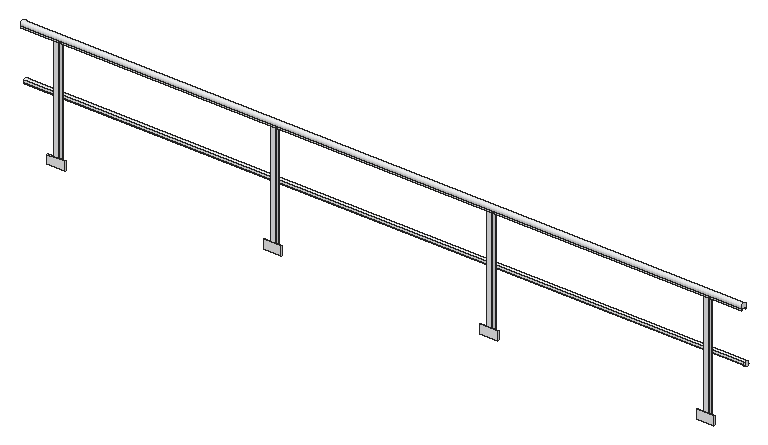
Revit family "Guardrail_Kattsafe_SideMount", category Specialty Equipment, Revit 2025
Family settings
  Round Connector Dimension = Use Diameter
  Part Type = Normal
  OmniClass Number = 23.17.25.11
  Enable Cutting in Views = No
  Cut with Voids When Loaded = No
  Maintain Annotation Orientation = No
  Shared = No
  Room Calculation Point = No
Parameters (values of type "Type 1")
  Uniclass2015Version = "Products v1.23"
  Uniclass2015Title = "Aluminium handrails"
  Uniclass2015Code = "Pr_25_30_36_03"
  URL = "https://kattsafe.com.au/"
  Type IFC Predefined Type = "GUARDRAIL"
  Type Comments = "Guardrail - Side Mount"
  SafetyDisclaimer [instance] = "WARNING! The correct placement of access, fall protection and facade maintenance systems is critical to ensure it is fit-for-purpose and safe for the operator to use. Did you know Kattsafe® have a dedicated team of Height Safety System Design Specialists? Kattsafe® provide one-on-one consultation and system design assistance to ensure you are meeting the stringent requirements of height safety and to give you PEACE OF MIND with your project."  # constant formula
  RailClosureBendEnd2 [instance] = no
  RailClosureBendEnd1 [instance] = no
  PostsSingleOption [instance] = if(and(([built-in parameter 1001306] - 56 mm - (PostsOffsetLength * 2)) < 1 mm, ([built-in parameter 1001306] - 56 mm) > 1999 mm), 1 > 0, 1 < 0)  # no
  PostsActualNumberOf [instance] = PostsOffsetLengthCalc3  # 4
  PostsOffsetLengthCalc3 [instance] = if(PostsOffsetLengthCalc > PostsOffsetLengthCalc2, rounddown(PostsOffsetLengthCalc2), PostsOffsetLengthCalc)  # 4
  PostsOffsetLengthCalc2 [instance] = (PostsOverallLength / PostsMaxSpacingLength) + 2  # 4.972
  PostsOffsetLengthCalc [instance] = (PostsOverallLength / PostsMaxSpacingLength) + 2  # 5
  PostsNumberOfCalc3 [instance] = if(and(PostsNumberOfCalc > PostsNumberOfCalc2, PostsOverallLength > PostsMaxSpacingLength * 2), rounddown(PostsNumberOfCalc2), if(PostsOverallLength < (PostsMaxSpacingLength * 2) + 1 mm, 2, PostsNumberOfCalc))  # 2
  PostsNumberOfCalc2 [instance] = (PostsOverallLength / PostsMaxSpacingLength)  # 2.972
  PostsNumberOfCalc [instance] = (PostsOverallLength / PostsMaxSpacingLength)  # 3
  PostsMaxSpacingLength = 2000 mm  # constant formula
  PostsHeight = if(1 = 1, ManufacturerOverallHeight - 42 mm, 0 mm)  # 1038 mm
  PostsArrayOption [instance] = if(([built-in parameter 1001306] - 56 mm - (PostsOffsetLength * 2)) < 1 mm, 1 < 0, 1 > 0)  # yes
  PostsOverallLength [instance] = if(1 = 1, [built-in parameter 1001306] - 56 mm, 0 mm)  # 5944 mm
  Material = Aluminum_Kattsafe_Satin
  KneerailOffsetHeightCalc2 [instance] = if(KneerailOffsetHeight > 450 mm, 450 mm, KneerailOffsetHeight)  # 435 mm
  KneerailOffsetHeightCalc [instance] = if(or(RailClosureBendEnd1, RailClosureBendEnd2), 435 mm, KneerailOffsetHeightCalc2)  # 435 mm
  KneerailOffsetHeight [instance] = 435 mm
  PostsOffsetLength [instance] = PostsOverallLength / (PostsOffsetLengthCalc3 - 1)  # 1981.333 mm
  KneerailEnd2OverhangLengthCalc [instance] = if(RailClosureBendEnd2, 200 mm, HandrailEnd2OverhangLengthCalc + KneerailEnd2OffsetLength)  # 300 mm
  KneerailEnd2OffsetLength [instance] = 0 mm
  KneerailEnd1OverhangLengthCalc [instance] = if(RailClosureBendEnd1, 200 mm, HandrailEnd1OverhangLengthCalc + KneerailEnd1OffsetLength)  # 300 mm
  KneerailEnd1OffsetLength [instance] = 0 mm
  KneerailAngledOffsetHeight [instance] = KneerailOffsetHeightCalc + (-HandrailAngledOffsetHeight)  # 492 mm
  HandrailEnd2OverhangLengthCalc [instance] = if(RailClosureBendEnd2, 0 mm, HandrailOverhangLengthEnd2)  # 300 mm
  HandrailOverhangLengthEnd2 [instance] = 300 mm
  HandrailEnd1OverhangLengthCalc [instance] = if(RailClosureBendEnd1, 0 mm, HandrailOverhangLengthEnd1)  # 300 mm
  HandrailOverhangLengthEnd1 [instance] = 300 mm
  ModifiedIssue = 20240430
  Model = "GW2"
  ManufacturerURLProductSpecific = "https://kattsafe.com.au/products/guardrails-walkway/guardrail-only-gw"
  ManufacturerSpecCode = Model  # "GW2"
  ManufacturerOverallWidth = 48.5 mm  # constant formula
  ManufacturerOverallLength [instance] = [built-in parameter 1001306]  # 6000 mm
  ManufacturerOverallHeight = 1080 mm  # constant formula
  Manufacturer = "Kattsafe®"  # constant formula
  built-in parameter 1001306 [instance] = 6000 mm
  IfcExportType = "GUARDRAIL"
  IfcExportAs = "IfcRailing"
  HandrailClosureAngledOffsetHeight = -532 mm  # constant formula
  HandrailAngledOffsetHeight = -57 mm  # constant formula
  GuardrailHeight = ManufacturerOverallHeight  # 1080 mm
  Export Type to IFC As = "IfcRailing"
  Description = "Kattsafe guardrail systems are the preferred method of safe access across roofs and areas close to a fall edge. The system requires no specialist PPE, personnel or training to safely prevent a fall with a walkway to designate a safe path of access across the roof surface."  # constant formula
  Default Elevation = 0 mm
  CreatedBy = "IGS BIM Solutions"  # constant formula
  CreatedByURL = "https://igsgroup.com.au"
  Assembly Code = "E1090100"
Reference planes
  plane 1 "Front_Calc": y = -48.5
  plane 2 "Mounting_Height": z = 0
  plane 3 "Left": x = 0
  plane 4 "Right": x = 6000
  plane 5 "Top": z = 1000
  plane 6 "Front": y = -48.5
  plane 7 "Back": y = 0
  plane 8 "Post_Centre (Front/Back)": y = -19
  plane 9 "Kneerail_Top": z = 508
  plane 10 "Handrail_Bottom": z = 943
  plane 11 "Post_Array_Left": x = 2009.333
  plane 12 "Post_Array_Right": x = 3990.667
  plane 13 "Center (Left/Right)": x = 3000
  plane 14 "Post_Left_Centre (Left/Right)": x = 28
  plane 15 "Kneerail_Left": x = -300
  plane 16 "Post_Left": x = 0
  plane 17 "Handrail_Left": x = -300
  plane 18 "Post_Right_Centre (Left/Right)": x = 5972
  plane 19 "Kneerail_Right": x = 6300
  plane 20 "Post_Right": x = 6000
  plane 21 "Handrail_Right": x = 6300
  plane 22 "Post_Front": y = -38
  plane 23 "Left_Calc": x = 0
  plane 24 "Right_Calc": x = 6000
  plane 25 "Bottom": z = -80
Lines and regions (mm)
  reference lines
    curve 1: line (0, -48.5, 0) -> (6000, -48.5, 0)
    curve 2: line (0, -48.5, 0) -> (0.961, -48.5, 0)
    curve 3: line (6000, -48.5, 0) -> (5998.961, -48.5, 0)
    curve 4: line (0, -38, 0) -> (0, -38, 1000)
Text (mm)
  text "Disclaimer:\nDue to ongoing product development and manufacturing \nevolution, product details are subject to change without \nnotice. Please refer to product technical data sheets on \nthe manufacturers website for the most current product \ninformation. Please allow a +/- 5mm manufacturing \ntolerance for dimensions and set-outs shown in product \nliterature." at (9995.56, 2310.991, 0), in view "Ref. Level"
Dimensions and locks
  "built-in parameter 1001306": plane 3 "Left" to plane 4 "Right"
  "ManufacturerOverallHeight": plane 5 "Top" to plane 25 "Bottom"
  "KneerailOffsetHeightCalc": plane 10 "Handrail_Bottom" to plane 9 "Kneerail_Top"
  "PostsOffsetLength": plane 12 "Post_Array_Right" to plane 18 "Post_Right_Centre (Left/Right)"
  locked: plane 5 "Top" to plane 10 "Handrail_Bottom" at 57
  "PostsOffsetLength": plane 14 "Post_Left_Centre (Left/Right)" to plane 11 "Post_Array_Left"
  locked: plane 16 "Post_Left" to plane 14 "Post_Left_Centre (Left/Right)" at 28
  locked: plane 23 "Left_Calc" to plane 16 "Post_Left" at 0
  "HandrailEnd1OverhangLengthCalc": plane 17 "Handrail_Left" to plane 16 "Post_Left"
  "KneerailEnd1OverhangLengthCalc": plane 15 "Kneerail_Left" to plane 16 "Post_Left"
  locked: plane 20 "Post_Right" to plane 18 "Post_Right_Centre (Left/Right)" at 28
  equal spacing: plane 3 "Left", plane 13 "Center (Left/Right)", plane 4 "Right"
  locked: plane 20 "Post_Right" to plane 24 "Right_Calc" at 0
  "KneerailEnd2OverhangLengthCalc": plane 20 "Post_Right" to plane 19 "Kneerail_Right"
  "HandrailEnd2OverhangLengthCalc": plane 20 "Post_Right" to plane 21 "Handrail_Right"
  locked: curve 4 to nested 4 at 19
  locked: curve 4 to nested 5 at 38
  locked: curve 4 to nested 6 at 19
  locked: plane 3 "Left" to plane 23 "Left_Calc"
  locked: plane 24 "Right_Calc" to plane 4 "Right"
  locked: plane 22 "Post_Front" to plane 7 "Back" at 38
  group 1 to group 2 = 1981.333 mm
  group 2 to group 1 = 0 mm
  group 1 to group 2 = 0 mm
  equal spacing: plane 22 "Post_Front", plane 8 "Post_Centre (Front/Back)", plane 7 "Back"
  locked: plane 6 "Front" to plane 1 "Front_Calc" at 0
  "ManufacturerOverallWidth": plane 6 "Front" to plane 7 "Back"
  locked: plane 2 "Mounting_Height" to plane 25 "Bottom" at 80
  aligned and locked: plane 4 "Right" to curve 1
  aligned and locked: plane 1 "Front_Calc" to curve 1
  aligned and locked: plane 3 "Left" to curve 1
  aligned and locked: level to plane 2 "Mounting_Height"
  aligned and locked: plane 4 "Right" to curve 3
  aligned and locked: plane 2 "Mounting_Height" to curve 4
  aligned and locked: plane 22 "Post_Front" to curve 4
  aligned and locked: nested 6 to plane 17 "Handrail_Left"
  aligned and locked: plane 17 "Handrail_Left" to nested 4
  aligned and locked: plane 15 "Kneerail_Left" to nested 5
  aligned and locked: plane 19 "Kneerail_Right" to nested 5
  aligned and locked: plane 21 "Handrail_Right" to nested 4
  aligned and locked: plane 21 "Handrail_Right" to nested 7
  aligned and locked: plane 18 "Post_Right_Centre (Left/Right)" to nested 2
  aligned and locked: nested 3 to plane 11 "Post_Array_Left"
  aligned and locked: nested 1 to plane 14 "Post_Left_Centre (Left/Right)"
  aligned and locked: nested 8 to plane 11 "Post_Array_Left"
  aligned and locked: nested 9 to plane 12 "Post_Array_Right"
  aligned and locked: plane 1 "Front_Calc" to nested 1
  aligned and locked: plane 1 "Front_Calc" to nested 8
  aligned and locked: plane 1 "Front_Calc" to nested 3
  aligned and locked: plane 1 "Front_Calc" to nested 9
  aligned and locked: plane 1 "Front_Calc" to nested 2
  aligned and locked: plane 25 "Bottom" to nested 1
  aligned and locked: plane 25 "Bottom" to nested 8
  aligned and locked: plane 25 "Bottom" to nested 3
  aligned and locked: plane 25 "Bottom" to nested 9
  aligned and locked: plane 25 "Bottom" to nested 2
Automatic sketch dimensions
  plane 3 "Left" to curve 2 = 0.961 mm
  curve 3 to plane 4 "Right" = 1.039 mm
  curve 2 to plane 3 "Left" = 0 mm
  plane 1 "Front_Calc" to curve 3 = 0 mm
  plane 1 "Front_Calc" to curve 2 = 0 mm
  curve 4 to plane 5 "Top" = 0 mm
Nested families
  nested 1: "z_Guardrail_SideMount_Kattsafe_Post" at (2.215, -38, -80) x (-1, 0, 0) z (0, 0, 1), ManufacturerOverallHeight <- "PostsHeight", Material <- "Material", type "GW351S"
    with Material Aluminum_Kattsafe_Satin, ManufacturerOverallHeight 1038 mm, ManufacturerOverallDepth 48.5 mm
  nested 2: "z_Guardrail_SideMount_Kattsafe_Post" at (5946.215, -38, -80) x (-1, 0, 0) z (0, 0, 1), ManufacturerOverallHeight <- "PostsHeight", Material <- "Material", type "GW351S"
    with Material Aluminum_Kattsafe_Satin, ManufacturerOverallHeight 1038 mm, ManufacturerOverallDepth 48.5 mm
  nested 3: "z_Guardrail_SideMount_Kattsafe_Post" at (1983.549, -38, -80) x (-1, 0, 0) z (0, 0, 1), ManufacturerOverallHeight <- "PostsHeight", visible <- "PostsSingleOption", Material <- "Material", type "GW351S"
    with Material Aluminum_Kattsafe_Satin, ManufacturerOverallHeight 1038 mm, ManufacturerOverallDepth 48.5 mm
  nested 4: "z_Guardrail_Kattsafe_HandrailTube" at (-274.215, -19, 943), built-in parameter 1001364 <- "HandrailAngledOffsetHeight", Material <- "Material", type "GW374"
    with Material Aluminum_Kattsafe_Satin, ManufacturerOverallLength 6600 mm
  nested 5: "z_Guardrail_Kattsafe_KneerailTube" at (-274.215, 17.15, 508) x (1, 0, 0) z (0, 0, -1), built-in parameter 1001364 <- "KneerailAngledOffsetHeight", Material <- "Material", type "GW375"
    with Material Aluminum_Kattsafe_Satin, ManufacturerOverallLength 6600 mm
  nested 6: "z_Guardrail_Kattsafe_HandrailClosureBend" at (-674.215, -19, 468), built-in parameter 1001364 <- "HandrailClosureAngledOffsetHeight", visible <- "RailClosureBendEnd1", Material <- "Material", type "GW387"
    with Material Aluminum_Kattsafe_Satin, ManufacturerOverallLength 400 mm
  nested 7: "z_Guardrail_Kattsafe_HandrailClosureBend" at (6674.215, -19, 468) x (-1, 0, 0) z (0, 0, 1), built-in parameter 1001364 <- "HandrailClosureAngledOffsetHeight", visible <- "RailClosureBendEnd2", Material <- "Material", type "GW387"
    with Material Aluminum_Kattsafe_Satin, ManufacturerOverallLength 400 mm
  nested 8: "z_Guardrail_SideMount_Kattsafe_Post" at (1983.549, -38, -80) x (-1, 0, 0) z (0, 0, 1), ManufacturerOverallHeight <- "PostsHeight", visible <- "PostsArrayOption", Material <- "Material", type "GW351S"
    with Material Aluminum_Kattsafe_Satin, ManufacturerOverallHeight 1038 mm, ManufacturerOverallDepth 48.5 mm
  nested 9: "z_Guardrail_SideMount_Kattsafe_Post" at (3964.882, -38, -80) x (-1, 0, 0) z (0, 0, 1), ManufacturerOverallHeight <- "PostsHeight", visible <- "PostsArrayOption", Material <- "Material", type "GW351S"
    with Material Aluminum_Kattsafe_Satin, ManufacturerOverallHeight 1038 mm, ManufacturerOverallDepth 48.5 mm
Definition of nested family "z_Guardrail_SideMount_Kattsafe_Post"
  Parameters (values of type "GW351S")
    URL = "https://kattsafe.com.au/"
    Type Comments = ""
    ModifiedIssue = 20191004
    Model = "GW351S"
    Material [instance] = none
    ManufacturerURLProductSpecific = ""
    ManufacturerSpecCode = Model  # "GW351S"
    ManufacturerOverallWidth = 160 mm  # constant formula
    ManufacturerOverallHeight [instance] = 1040 mm
    ManufacturerOverallDepth [instance] = 48.5 mm  # constant formula
    Manufacturer = "SAYFA"  # constant formula
    Keynote = ""
    Description = "Sentry Side Mount Guardrail Post"
    Default Elevation = 0 mm  # constant formula
    CreatedBy = "IGS BIM Solutions"  # constant formula
    CreatedByURL = "https://igsgroup.com.au"
  Reference planes
    plane 1 "Bottom": z = 0
    plane 2 "Post_Back": y = 0
    plane 3 "Center (Left/Right)": x = -25.785
    plane 4 "Top": z = 1040
    plane 5 "Post_Right": x = 2.215
    plane 6 "Post_Left": x = -53.785
    plane 7 "Front": y = -38
    plane 8 "Post_Centre (Front/Back)": y = -19
    plane 9 "Left": x = -105.785
    plane 10 "Right": x = 54.215
    plane 11 "Back": y = 10.5
  Forms (mm)
    Extrusion 1, solid, material <- "Material"
      sketch origin (0, 0, 0) x (1, 0, 0) y (0, 1, 0)
        loop
          arc (-48.785, 0) -> (-52.32, -1.464) -> (-53.785, -5) r 5
          line (-53.785, -5) -> (-53.785, -33)
          arc (-53.785, -33) -> (-52.32, -36.536) -> (-48.785, -38) r 5
          line (-48.785, -38) -> (-2.785, -38)
          arc (-2.785, -38) -> (0.751, -36.536) -> (2.215, -33) r 5
          line (2.215, -33) -> (2.215, -5)
          arc (2.215, -5) -> (0.751, -1.464) -> (-2.785, 0) r 5
          line (-2.785, 0) -> (-48.785, 0)
      from 0 to 1040
    Extrusion 2, solid, material <- "Material"
      sketch origin (0, 10.5, 0) x (-1, 0, 0) y (0, 0, 1)
        loop
          line (105.785, 0) -> (105.785, 80) -> (-54.215, 80) -> (-54.215, 0) -> (105.785, 0)
      from 0 to -10.5
  Dimensions and locks
    "ManufacturerOverallHeight": plane 4 "Top" to plane 1 "Bottom"
    locked: plane 6 "Post_Left" to plane 5 "Post_Right" at 56
    "ManufacturerOverallDepth": plane 11 "Back" to plane 7 "Front"
    equal spacing: plane 6 "Post_Left", plane 3 "Center (Left/Right)", plane 5 "Post_Right"
    plane 8 "Post_Centre (Front/Back)" to plane 2 "Post_Back" = 19 mm
    equal spacing: plane 9 "Left", plane 3 "Center (Left/Right)", plane 10 "Right"
    "ManufacturerOverallWidth": plane 9 "Left" to plane 10 "Right"
    locked: plane 2 "Post_Back" to plane 11 "Back" at 10.5
    locked: Extrusion 2 sketch curve to plane 1 "Bottom" at 80
    radius of Extrusion 1 sketch curve = 5 mm  (x4)
    aligned and locked: level to plane 1 "Bottom"
    aligned and locked: plane 6 "Post_Left" to Extrusion 1 sketch curve
    aligned and locked: plane 5 "Post_Right" to Extrusion 1 sketch curve
    aligned and locked: plane 2 "Post_Back" to Extrusion 1 sketch curve
    aligned and locked: Extrusion 1 to plane 1 "Bottom"
    aligned and locked: Extrusion 1 to plane 4 "Top"
    aligned and locked: plane 7 "Front" to Extrusion 1 sketch curve
    aligned and locked: Extrusion 2 to plane 1 "Bottom"
    aligned and locked: Extrusion 2 to plane 9 "Left"
    aligned and locked: Extrusion 2 to plane 10 "Right"
    aligned and locked: Extrusion 2 to plane 11 "Back"
    aligned and locked: plane 2 "Post_Back" to Extrusion 2
  Automatic sketch dimensions
    Extrusion 2 sketch curve to level = 0 mm
    plane 10 "Right" to Extrusion 2 sketch curve = 0 mm
    Extrusion 2 sketch curve to plane 9 "Left" = 0 mm
Definition of nested family "z_Guardrail_Kattsafe_HandrailTube"
  Parameters (values of type "GW374")
    URL = "https://kattsafe.com.au/"
    Type Comments = ""
    ModifiedIssue = 20190911
    Model = "GW374"
    Material [instance] = none
    ManufacturerURLProductSpecific = ""
    ManufacturerSpecCode = Model  # "GW374"
    ManufacturerOverallWidth = 50 mm  # constant formula
    ManufacturerOverallLength [instance] = 6000 mm
    ManufacturerOverallHeight = 57 mm  # constant formula
    Manufacturer = "SAYFA"  # constant formula
    Keynote = ""
    Description = "Sentry Handrail Tube"
    Default Elevation = 0 mm  # constant formula
    CreatedBy = "IGS BIM Solutions"  # constant formula
    CreatedByURL = "https://igsgroup.com.au"
  Reference planes
    plane 1 "Bottom": z = 0
    plane 2 "Center (Front/Back)": y = 0
    plane 3 "Front": y = -25
    plane 4 "Left": x = -25.785
    plane 5 "Center (Left/Right)": x = 2974.215
    plane 6 "Top": z = 57
    plane 7 "Right": x = 5974.215
    plane 8 "Back": y = 25
    plane 9 "Rail_Top": z = 15
  Forms (mm)
    Extrusion 1, solid, material <- "Material"
      sketch origin (-25.785, 0, 0) x (0, 1, 0) y (0, 0, 1)
        loop
          arc (21, 18.435) -> (0, 57) -> (-21, 18.435) r 25
          line (-21, 18.435) -> (-21, 0) -> (-20, 0) -> (-20, 15) -> (20, 15) -> (20, 0) -> (21, 0) -> (21, 18.435)
      from 0 to 6000
  Dimensions and locks
    "ManufacturerOverallWidth": plane 8 "Back" to plane 3 "Front"
    "ManufacturerOverallHeight": plane 6 "Top" to plane 1 "Bottom"
    equal spacing: plane 4 "Left", plane 5 "Center (Left/Right)", plane 7 "Right"
    "ManufacturerOverallLength": plane 4 "Left" to plane 7 "Right"
    equal spacing: plane 8 "Back", plane 2 "Center (Front/Back)", plane 3 "Front"
    locked: plane 9 "Rail_Top" to plane 1 "Bottom" at 15
    aligned and locked: plane 1 "Bottom" to level
    aligned and locked: Extrusion 1 sketch curve to plane 1 "Bottom"  (x2)
    aligned and locked: Extrusion 1 to plane 4 "Left"
    aligned and locked: Extrusion 1 to plane 7 "Right"
  Automatic sketch dimensions
    Extrusion 1 sketch curve to plane 2 "Center (Front/Back)" = 0 mm
    Extrusion 1 sketch curve to Extrusion 1 sketch curve = 3.435 mm
    Extrusion 1 sketch curve to plane 9 "Rail_Top" = 3.435 mm
    Extrusion 1 sketch curve to Extrusion 1 sketch curve = 1 mm  (x2)
    plane 3 "Front" to Extrusion 1 sketch curve = 5 mm
    Extrusion 1 sketch curve to plane 9 "Rail_Top" = 17 mm
    plane 9 "Rail_Top" to Extrusion 1 sketch curve = 0 mm
Definition of nested family "z_Guardrail_Kattsafe_KneerailTube"
  Parameters (values of type "GW375")
    URL = "https://kattsafe.com.au/"
    Type Comments = ""
    ModifiedIssue = 20190911
    Model = "GW375"
    Material [instance] = none
    ManufacturerURLProductSpecific = ""
    ManufacturerSpecCode = Model  # "GW375"
    ManufacturerOverallWidth = 34.3 mm  # constant formula
    ManufacturerOverallLength [instance] = 6000 mm
    ManufacturerOverallHeight = 40 mm  # constant formula
    Manufacturer = "SAYFA"  # constant formula
    Keynote = ""
    Description = "Sentry Kneerail Tube"
    Default Elevation = 0 mm  # constant formula
    CreatedBy = "IGS BIM Solutions"  # constant formula
    CreatedByURL = "https://igsgroup.com.au"
  Reference planes
    plane 1 "Bottom": z = 0
    plane 2 "Center (Front/Back)": y = 1.438
    plane 3 "Front": y = -17.15
    plane 4 "Left": x = -25.785
    plane 5 "Center (Left/Right)": x = 2974.215
    plane 6 "Top": z = 40
    plane 7 "Right": x = 5974.215
    plane 8 "Back": y = 17.15
    plane 9 "Center (Elevation)": z = 20
  Forms (mm)
    Extrusion 1, solid, material <- "Material"
      sketch origin (2974.215, 0, 0) x (0, 1, 0) y (0, 0, -1)
        loop
          line (17.15, -32.374) -> (17.15, -7.626)
          arc (17.15, -7.626) -> (-1.443, -0.208) -> (-17.15, -12.617) r 20
          line (-17.15, -12.617) -> (-13.15, -12.617) -> (-13.15, -27.383) -> (-17.15, -27.383)
          arc (-17.15, -27.383) -> (-1.443, -39.792) -> (17.15, -32.374) r 20
      from -3000 to 3000
  Dimensions and locks
    "ManufacturerOverallWidth": plane 8 "Back" to plane 3 "Front"
    "ManufacturerOverallHeight": plane 6 "Top" to plane 1 "Bottom"
    equal spacing: plane 4 "Left", plane 5 "Center (Left/Right)", plane 7 "Right"
    "ManufacturerOverallLength": plane 4 "Left" to plane 7 "Right"
    equal spacing: plane 6 "Top", plane 9 "Center (Elevation)", plane 1 "Bottom"
    aligned and locked: plane 1 "Bottom" to level
    aligned and locked: Extrusion 1 to plane 7 "Right"
    aligned and locked: Extrusion 1 to plane 4 "Left"
  Automatic sketch dimensions
    Extrusion 1 sketch curve to Extrusion 1 sketch curve = 0 mm  (x2)
    Extrusion 1 sketch curve to plane 3 "Front" = 0 mm  (x2)
    Extrusion 1 sketch curve to plane 2 "Center (Front/Back)" = 0 mm
    Extrusion 1 sketch curve to plane 8 "Back" = 0 mm
    plane 9 "Center (Elevation)" to Extrusion 1 sketch curve = 0 mm
    Extrusion 1 sketch curve to Extrusion 1 sketch curve = 4 mm
    Extrusion 1 sketch curve to plane 9 "Center (Elevation)" = 7.383 mm
    plane 9 "Center (Elevation)" to Extrusion 1 sketch curve = 7.383 mm
Definition of nested family "z_Guardrail_Kattsafe_HandrailClosureBend"
  Parameters (values of type "GW387")
    URL = "https://kattsafe.com.au/"
    Type Comments = ""
    ModifiedIssue = 20190917
    Model = "GW387"
    Material [instance] = none
    ManufacturerURLProductSpecific = ""
    ManufacturerSpecCode = Model  # "GW387"
    ManufacturerOverallWidth = 50 mm  # constant formula
    ManufacturerOverallLength [instance] = 400 mm  # constant formula
    ManufacturerOverallHeight = 532 mm  # constant formula
    Manufacturer = "SAYFA"  # constant formula
    Keynote = ""
    Description = "Handrail Closure Bend"
    Default Elevation = 0 mm  # constant formula
    CreatedBy = "IGS BIM Solutions"  # constant formula
    CreatedByURL = "https://igsgroup.com.au"
  Reference planes
    plane 1 "Bottom": z = 0
    plane 2 "Center (Front/Back)": y = 0
    plane 3 "Front": y = -25
    plane 4 "Left": x = -25.785
    plane 5 "Center (Left/Right)": x = 174.215
    plane 6 "Top": z = 532
    plane 7 "Right": x = 374.215
    plane 8 "Handrail_Back": y = 25
    plane 9 "Kneerail_Centre (Front/Back)": y = 34.7
    plane 10 "Kneerail_Centre (Elevation)": z = 20
    plane 11 "Handrail_Centre (Elevation)": z = 507
    plane 12 "Back": y = 59.69
  Forms (mm)
    Sweep 1, solid, material <- "Material"
      path origin (0, 36.034, 1.282) x (1, 0, 0) y (0, -0.071072, 0.997471)
        loop
          line (374.215, 532) -> (74.215, 532)
          arc (74.215, 532) -> (3.505, 502.711) -> (-25.785, 432) r 100
          line (-25.785, 432) -> (-25.785, 93.9)
          arc (-25.785, 93.9) -> (3.505, 23.189) -> (74.215, -6.1) r 100
          line (74.215, -6.1) -> (164.215, -6.1)
      profile origin (224.215, -1.777, 531.937) x (0, 0.071072, -0.997471) y (0, -0.997471, -0.071072)
        loop
          circle (25, 0) r 25
    SweptBlend 2, solid, material <- "Material"
      path origin (0, 34.7, 0) x (-1, 0, 0) y (0, 0, 1)
        loop
          line (-164.215, 20) -> (-174.215, 20)
      profile origin (164.215, 34.7, 20) x (0, 0, 1) y (0, -1, 0)
        loop
          circle (0, 0) r 25
      end profile origin (174.215, 34.7, 20) x (0, 0, 1) y (0, -1, 0)
        loop
          circle (0, 0) r 20
  Lines and regions (mm)
    symbolic lines
      curve 1: circle (374.215, 34.7, 20) r 25 normal (1, 0, 0)
  Dimensions and locks
    "ManufacturerOverallWidth": plane 8 "Handrail_Back" to plane 3 "Front"
    "ManufacturerOverallHeight": plane 6 "Top" to plane 1 "Bottom"
    equal spacing: plane 4 "Left", plane 5 "Center (Left/Right)", plane 7 "Right"
    "ManufacturerOverallLength": plane 4 "Left" to plane 7 "Right"
    equal spacing: plane 8 "Handrail_Back", plane 2 "Center (Front/Back)", plane 3 "Front"
    locked: plane 2 "Center (Front/Back)" to plane 9 "Kneerail_Centre (Front/Back)" at 34.7
    locked: profile plane to Sweep 1 sketch curve at 25
    Sweep 1 sketch curve to plane 5 "Center (Left/Right)" = 10 mm
    locked: plane 12 "Back" to plane 3 "Front" at 84.69
    radius of Sweep 1 sketch curve = 100 mm  (x2)
    radius of SweptBlend 2 sketch curve = 25 mm
    radius of SweptBlend 2 sketch curve = 20 mm
    aligned and locked: plane 1 "Bottom" to level
    aligned and locked: Sweep 1 sketch curve to plane 4 "Left"
    aligned and locked: profile plane to Sweep 1 sketch curve
    aligned and locked: plane 10 "Kneerail_Centre (Elevation)" to SweptBlend 2 sketch curve
    aligned and locked: profile plane to SweptBlend 2 sketch curve  (x4)
  Automatic sketch dimensions
    curve 1 to plane 9 "Kneerail_Centre (Front/Back)" = 0 mm
    plane 10 "Kneerail_Centre (Elevation)" to curve 1 = 0 mm
    Sweep 1 sketch curve to plane 7 "Right" = 0 mm
    Sweep 1 sketch curve to Sweep 1 sketch curve = 338.1 mm
    plane 5 "Center (Left/Right)" to SweptBlend 2 sketch curve = 0 mm
    SweptBlend 2 sketch curve to plane 5 "Center (Left/Right)" = 10 mm
    radius of curve 1 = 25 mm
    radius of Sweep 1 sketch curve = 25 mm
